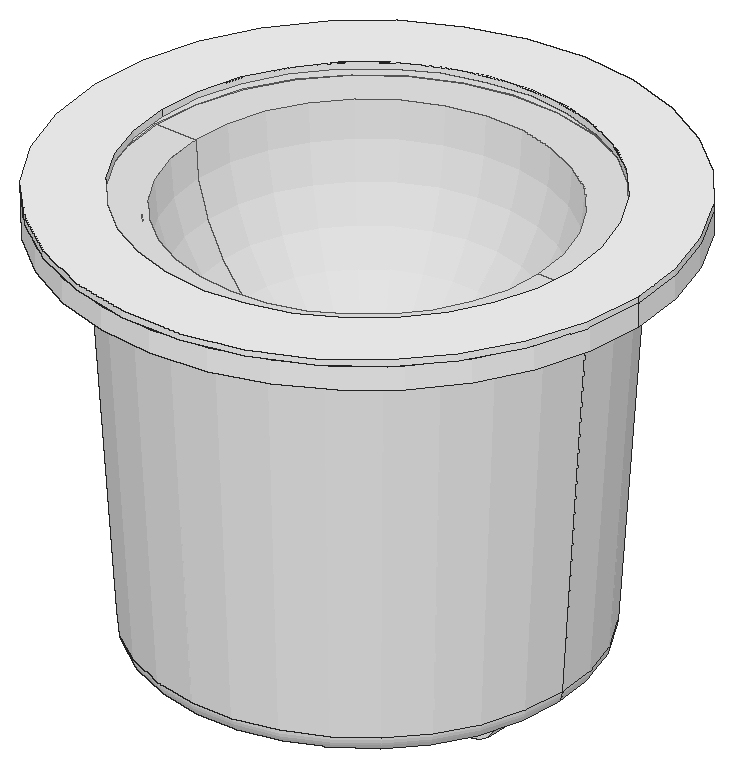
Revit family "2058889 Feilo Sylvania Lighting Fixture MYRD IP ST 4K DALI BLK WBEZ", category Lighting Fixtures, host Face, Revit 2017
Family settings
  Host = Face
  Round Connector Dimension = Use Diameter
  Part Type = Normal
  OmniClass Number = 23.80.70.11.17
  OmniClass Title = Specialized Lighting by Location or Use
  Cut with Voids When Loaded = No
  Light Source = Yes
  Shared = No
  Room Calculation Point = No
Parameters
  Weight = "0.44 kg"
  Wattage = 10 W
  WarrantyStartDate [instance] = "n/a"
  WarrantyGuarantorParts = "n/a"
  WarrantyDurationUnit = "n/a"
  WarrantyDurationParts = "n/a"
  WarrantyDescription = "n/a"
  built-in parameter 1150110 = 1 (stored number, unit not read)
  Voltage = 230 V
  URL = "http://www.sylvania-lighting.com"
  TypeName = "MYRD IP ST 4K DALI BLK WBEZ"
  Type Image = 0
  Type Comments = ""
  built-in parameter 1114217 = 1 (stored number, unit not read)
  Tilt Angle = -90°
  built-in parameter 1150109 = 1 (stored number, unit not read)
  built-in parameter 1150134 = 12
  built-in parameter 1150113 = 1 (stored number, unit not read)
  SerialNumber [instance] = "n/a"
  Reflector Radius = Cutout Diameter / 2 - 2.5 mm  # 35.0 mm
  Reflector Material = Aluminum_Sylvania_Myriad_Bright
  Recessed Depth = Height  # 72.0 mm
  PowerFactor = 0
  PowerConsumption = "10 W"
  Photometric Web File = ""
  NominalWidth = 0.0 mm
  NominalLength = 76.0 mm
  NominalHeight = 72.0 mm
  Name = "MYRD IP ST 4K DALI BLK WBEZ"
  ModelReference = "MYRD IP ST 4K DALI BLK WBEZ"
  ModelNumber = "2058889"
  Material = "Aluminium"
  ManufacturerName = "Feilo Sylvania"
  LuminousEfficacy = "113 lm/W"
  LuminaireType = "Ceiling recessed"
  LightOutputRatio = "1"
  LampsType = Lamp  # "LED"
  LampNominalLuminous = "1132 lm"
  LampMacAdamStep = "n/a"
  LampColourTemperature = "4000 K"
  LampColourRenderingIndex = "n/a"
  Keynote = "16500"
  Keynote_2 = "16500"
  InstallationDate [instance] = "n/a"
  InputVoltage = "230-240V~"
  InputNominalFrequency = "50/60 Hz"
  IngressProtection = "IP65"
  ImpactProtectionIndex = "IK02"
  IfcExportType = "IfcLightFixtureType"
  IfcExportAs = "IfcLightFixtureType"
  Height = 72.0 mm  # constant formula
  ExpectedLife = 50000
  Emit from Circle Diameter = Accessory Inner Diameter 2  # 68.0 mm
  Emit Shape Visible in Rendering = no
  ElectricShockClassification = "Class II"
  DurationUnit = "hours"
  DocumentationLiterature = "http://www.sylvania-lighting.com/product/en-int/products/2058889"
  DimmingControlOptions = "Dimmable"
  Diffuser Material = Glass_Sylvania_Myriad_Clear_4000K
  Diffuser Diameter = Cutout Diameter  # 75.0 mm
  Cutout Diameter = 75.0 mm  # constant formula
  CreatedOn = "03-11-2017"
  CreatedBy = ""
  Cost = 0
  built-in parameter 1114216 [instance] = 1 (stored number, unit not read)
  built-in parameter 1150142 = (empty or 0)
  Model = "MYRD IP ST 4K DALI BLK WBEZ"
  Manufacturer = "Feilo Sylvania"  # constant formula
  built-in parameter 1150105 = 89.923 (stored number, unit not read)
  Lumens = 1130 lm
  built-in parameter 1150115 = 1 (stored number, unit not read)
  built-in parameter 1150137 = (empty or 0)
  built-in parameter 1150139 = (empty or 0)
  built-in parameter 1150112 = 1 (stored number, unit not read)
  built-in parameter 1150114 = 1 (stored number, unit not read)
  Lamp = "LED"
  built-in parameter 1150132 = (empty or 0)
  built-in parameter 1150102 = (empty or 0)
  built-in parameter 1150107 = 4000 (stored number, unit not read)
  built-in parameter 1150138 = (empty or 0)
  built-in parameter 1150106 = 0.89923 (stored number, unit not read)
  built-in parameter 1150104 = 10.498 (stored number, unit not read)
  Dimming Lamp Color Temperature Shift = (empty or 0)
  Description = "Supplied complete with electronic control gear Compact Fluorescent low energy downlight Emergency version passes through the cut out Ideal for low level orientation lighting New range of Architectural accessories each providing a different lit dimension New completely flush plaster up accessory ring for clean ceiling lines and smooth finish Order lamp separately"  # constant formula
  Default Elevation = 0.0 mm
  Color Filter = 16777215
  built-in parameter 1140040 [instance] = 1
  Body Radius = Reflector Radius + 1.5 mm  # 36.5 mm
  Body Material = Aluminum_Sylvania_Myriad_Gray
  BarCode [instance] = "n/a"
  built-in parameter 1114218 = 1 (stored number, unit not read)
  built-in parameter 1150133 = 10 (stored number, unit not read)
  AssetType = "Fixed"
  AssetIdentifier [instance] = "n/a"
  Assembly Code = "D5020200"
  Apparent Load = 10 VA
  Accessory Material = Aluminum_Sylvania_Myriad_White
  Accessory Inner Diameter 2 = Accessory Diameter - 22.0 mm  # 68.0 mm
  Accessory Inner Diameter 1 = Accessory Diameter - 2.0 mm  # 88.0 mm
  Accessory Diameter = Cutout Diameter + 15.0 mm  # 90.0 mm
Reference planes
  plane 1 "Center (Front/Back)": y = 0
  plane 2: z = 0
  plane 3 "Center (Left/Right)": x = 0
  plane 4: z = 2
  plane 5 "Fixture Bottom": z = 4.5
  plane 6: z = -28.5
  plane 7: z = -61.5
  plane 8 "Fixture Top": z = -67.5
  plane 9: z = 3.5
Forms (mm)
  Revolve 1, solid, material "Aluminum_Sylvania_Myriad_Bright" <- "Reflector Material", detail levels fine
    sketch origin (0, 0, 0) x (1, 0, 0) y (0, 0, 1)
      loop
        line (0, -27.515) -> (-6, -27.515)
        arc (-6, -27.515) -> (-22.333, -16.632) -> (-28.5, 2) r 30.135
        line (-28.5, 2) -> (-35, 2) -> (-35, 0) -> (-29.184, 0)
        arc (-29.184, 0) -> (-22.423, -18.18) -> (-6, -28.5) r 30.204
        line (-6, -28.5) -> (0, -28.5) -> (0, -27.515)
      axis (0, -28.5) -> (0, 2)
    angle from 0 to 360
  Revolve 2, solid, material "Aluminum_Sylvania_Myriad_Gray" <- "Body Material", detail levels fine
    sketch origin (0, 0, 0) x (1, 0, 0) y (0, 0, 1)
      loop
        line (-44, 2) -> (-44, 0) -> (-36.5, 0) -> (-32.42, -58.708)
        arc (-32.42, -58.708) -> (-31.474, -60.694) -> (-29.428, -61.5) r 3
        line (-29.428, -61.5) -> (0, -61.5) -> (0, -28.5) -> (-6, -28.5)
        arc (-6, -28.5) -> (-22.423, -18.18) -> (-29.184, 0) r 30.204
        line (-29.184, 0) -> (-35, 0) -> (-35, 2) -> (-44, 2)
      axis (0, 2) -> (0, -61.5)
    angle from 0 to 360
  Extrusion 3, solid, material "Aluminum_Sylvania_Myriad_Gray" <- "Body Material", detail levels fine
    sketch origin (0, 0, 0) x (1, 0, 0) y (0, 0, 1)
      loop
        line (-13.5, -67.5) -> (21, -67.5)
        arc (21, -67.5) -> (23.828, -66.328) -> (25, -63.5) r 4
        line (25, -63.5) -> (25, -61.5) -> (-17.5, -61.5) -> (-17.5, -63.5)
        arc (-17.5, -63.5) -> (-16.328, -66.328) -> (-13.5, -67.5) r 4
    from -4.5 to 4.5
  Extrusion 4, solid, material "Aluminum_Sylvania_Myriad_White" <- "Accessory Material", detail levels fine
    sketch origin (0, 0, 0) x (1, 0, 0) y (0, 1, 0)
      loop
        circle (0, 0) r 45
      loop
        circle (0, 0) r 44
    from 0 to 3.5
  Extrusion 5, solid, material "Aluminum_Sylvania_Myriad_White" <- "Accessory Material", detail levels fine
    sketch origin (0, 0, 0) x (1, 0, 0) y (0, 1, 0)
      loop
        circle (0, 0) r 45
      loop
        circle (0, 0) r 34
    from 3.5 to 4.5
  Extrusion 6, solid, material "Aluminum_Sylvania_Myriad_White" <- "Accessory Material", detail levels coarse+medium
    sketch origin (0, 0, 0) x (1, 0, 0) y (0, 1, 0)
      loop
        circle (0, 0) r 45
    from 0 to 4.5
  Revolve 7, solid, detail levels coarse+medium
    sketch origin (0, 0, 0) x (1, 0, 0) y (0, 0, 1)
      loop
        line (36.5, 0) -> (0, 0) -> (0, -61.5) -> (32.226, -61.5) -> (36.5, 0)
      axis (0, 0) -> (0, -61.5)
    angle from 0 to 360
  Extrusion 8, void
    sketch origin (0, 0, 0) x (1, 0, 0) y (0, 1, 0)
      loop
        circle (0, 0) r 37.5
    from -67.5 to 0
  Extrusion 9, solid, material "Glass_Sylvania_Myriad_Clear_4000K" <- "Diffuser Material", detail levels fine
    sketch origin (0, 0, 0) x (1, 0, 0) y (0, 1, 0)
      loop
        circle (0, 0) r 37.5
    from 2 to 3.5
Cuts and joins
  joined: Extrusion 4, Extrusion 5
Lines and regions (mm)
  Masking region 1
    outline origin (0, 0, 0) x (1, 0, 0) y (0, 1, 0)
      loop
        circle (0, 0) r 45
  symbolic lines
    curve 1: arc (-34, 0, 0) -> (0, 34, 0) -> (34, 0, 0) r 34
    curve 2: arc (34, 0, 0) -> (0, -34, 0) -> (-34, 0, 0) r 34
Dimensions and locks
  locked: plane 7 to plane 8 "Fixture Top" at 6
  "Body Radius": Revolve 7 sketch curve to plane 3 "Center (Left/Right)"
  locked: Revolve 7 sketch curve to Revolve 7 sketch curve at 4.274
  plane 5 "Fixture Bottom" to plane 9 to plane 4 to plane 2 to plane 6 = 1.0 mm locked, 1.5 mm locked, 2.0 mm locked, 28.5 mm locked
  "Reflector Radius": Revolve 1 sketch curve to plane 3 "Center (Left/Right)"
  Revolve 1 sketch curve to Revolve 1 sketch curve to Revolve 1 sketch curve to Revolve 1 sketch curve = 6.5 mm locked, 22.5 mm locked, 0.0 mm locked
  "Reflector Radius": plane 3 "Center (Left/Right)" to Revolve 2 sketch curve
  Revolve 2 sketch curve to Revolve 2 sketch curve to Revolve 2 sketch curve = 7.5 mm locked, 1.5 mm locked
  Revolve 2 sketch curve to Revolve 2 sketch curve to Revolve 2 sketch curve = 5.816 mm locked, 23.184 mm locked
  Revolve 2 sketch curve to Revolve 2 sketch curve to Revolve 2 sketch curve = 2.58 mm locked, 2.993 mm locked
  "Accessory Diameter": diameter of Extrusion 4 sketch curve
  "Accessory Inner Diameter 1": diameter of Extrusion 4 sketch curve
  "Accessory Diameter": diameter of Extrusion 5 sketch curve
  "Accessory Diameter": diameter of Extrusion 6 sketch curve
  "Cutout Diameter": diameter of Extrusion 8 sketch curve
  "Accessory Inner Diameter 2": diameter of Extrusion 5 sketch curve
  "Diffuser Diameter": diameter of Extrusion 9 sketch curve
  aligned and locked: plane 2 to host face
  aligned and locked: level to host face
  aligned and locked: plane 1 "Center (Front/Back)" to imposter light
  aligned and locked: plane 3 "Center (Left/Right)" to imposter light
  aligned and locked: Revolve 1 sketch curve to imposter light
  aligned and locked: Extrusion 3 sketch curve to plane 8 "Fixture Top"
  aligned and locked: plane 7 to Extrusion 3 sketch curve
  aligned and locked: Extrusion 4 to plane 2
  aligned and locked: plane 9 to Extrusion 4
  aligned and locked: Extrusion 5 to plane 9
  aligned and locked: plane 5 "Fixture Bottom" to Extrusion 5
  aligned and locked: Extrusion 6 to plane 2
  aligned and locked: plane 5 "Fixture Bottom" to Extrusion 6
  aligned and locked: Extrusion 8 to plane 8 "Fixture Top"
  aligned and locked: plane 2 to Extrusion 8
  aligned and locked: Masking region 1 sketch curve to Extrusion 6  (x2)
  aligned and locked: Extrusion 9 to plane 4
  aligned and locked: plane 9 to Extrusion 9
  aligned and locked: plane 4 to Revolve 2 sketch curve
  aligned and locked: Revolve 2 sketch curve to plane 2
  aligned and locked: curve 1 to cut or joined group of Extrusion 4, Extrusion 5
  aligned and locked: curve 2 to cut or joined group of Extrusion 4, Extrusion 5
  aligned and locked: imposter light to plane 5 "Fixture Bottom"
Automatic sketch dimensions
  host sketch curve to host sketch curve = 1305.563 mm
  host sketch curve to host sketch curve = 1283.632 mm
  Extrusion 3 sketch curve to plane 7 = 2.0 mm
  Extrusion 3 sketch curve to plane 3 "Center (Left/Right)" = 13.5 mm
  plane 3 "Center (Left/Right)" to Extrusion 3 sketch curve = 21.0 mm
  Extrusion 3 sketch curve to Extrusion 3 sketch curve = 4.0 mm
  Revolve 1 sketch curve to level = 0.0 mm
  Revolve 1 sketch curve to plane 3 "Center (Left/Right)" = 0.0 mm
  Revolve 1 sketch curve to plane 6 = 0.0 mm
  Revolve 1 sketch curve to plane 4 = 0.0 mm
  Revolve 1 sketch curve to Revolve 1 sketch curve = 0.684 mm
  level to Revolve 1 sketch curve = 0.88 mm
  Revolve 1 sketch curve to plane 4 = 0.363 mm
  Revolve 1 sketch curve to Revolve 1 sketch curve = 0.625 mm
  Revolve 1 sketch curve to plane 8 "Fixture Top" = 232.8 mm
  plane 5 "Fixture Bottom" to Revolve 1 sketch curve = 291.243 mm
  Revolve 2 sketch curve to plane 3 "Center (Left/Right)" = 0.0 mm  (x2)
  Revolve 2 sketch curve to plane 7 = 0.0 mm
  Revolve 2 sketch curve to plane 6 = 0.0 mm
  Revolve 2 sketch curve to level = 0.0 mm
  level to Revolve 2 sketch curve = 0.88 mm
  plane 7 to Revolve 2 sketch curve = 2.792 mm
  Revolve 2 sketch curve to plane 8 "Fixture Top" = 304.774 mm
  plane 5 "Fixture Bottom" to Revolve 2 sketch curve = 1137.105 mm
  Extrusion 4 sketch curve to Extrusion 4 sketch curve = 0.0 mm  (x2)
  plane 1 "Center (Front/Back)" to Extrusion 4 sketch curve = 0.0 mm
  Extrusion 4 sketch curve to plane 3 "Center (Left/Right)" = 0.0 mm
  Extrusion 5 sketch curve to Extrusion 5 sketch curve = 0.0 mm  (x2)
  plane 1 "Center (Front/Back)" to Extrusion 5 sketch curve = 0.0 mm
  Extrusion 5 sketch curve to plane 3 "Center (Left/Right)" = 0.0 mm
  plane 1 "Center (Front/Back)" to Extrusion 6 sketch curve = 0.0 mm
  Extrusion 6 sketch curve to plane 3 "Center (Left/Right)" = 0.0 mm
  Revolve 7 sketch curve to level = 0.0 mm
  Revolve 7 sketch curve to plane 3 "Center (Left/Right)" = 0.0 mm  (x2)
  Revolve 7 sketch curve to plane 7 = 0.0 mm
  Revolve 7 sketch curve to plane 8 "Fixture Top" = 304.774 mm
  plane 5 "Fixture Bottom" to Revolve 7 sketch curve = 43.226 mm
  plane 1 "Center (Front/Back)" to Extrusion 8 sketch curve = 0.0 mm
  Extrusion 8 sketch curve to plane 3 "Center (Left/Right)" = 0.0 mm
  plane 1 "Center (Front/Back)" to Extrusion 9 sketch curve = 0.0 mm
  Extrusion 9 sketch curve to plane 3 "Center (Left/Right)" = 0.0 mm
Connectors
  electrical at (-0.006, -0.019, -67.5), driven by "Apparent Load", driven by "Apparent Load"
    settings: on plane 8 "Fixture Top", index 1, voltage 230 V, apparent load 10 VA, apparent load phase1 10 VA, apparent load phase2 0 VA, apparent load phase3 0 VA, power factor 1, load classification "Lighting", number of poles 1, system type 30, power factor state 1, is connector primary yes, connector utility no, sub classification motor no, connector description ""
